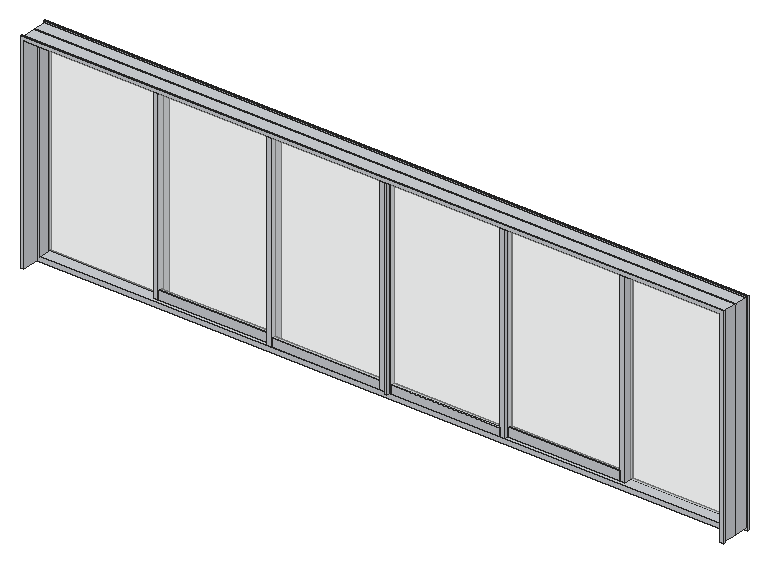
Revit family "APL Residential Thermal Heart Sliding Door FSSSSF", category Doors, host Wall, Revit 2017 (continued)
Definition of nested family "APL Residential Thermal Heart Sliding Door FSSSSF Horizontal Section"
  Definition of nested family "Reverse Interlocker"
    Definition of nested family "65510_Reverse Interlocker Stile"
      Lines and regions (mm)
        model lines, in view "Ref. Level"
          curve 172: arc (33.1, -8, 0) -> (32.6, -8.5, 0) -> (33.1, -9, 0) r 0.5
          curve 173: arc (34, -9, 0) -> (34.141, -9.059, 0) -> (34.2, -9.2, 0) r 0.2
          curve 174: arc (34.2, -10.3, 0) -> (34.141, -10.441, 0) -> (34, -10.5, 0) r 0.2
          curve 175: arc (26.7, -10.5, 0) -> (26.559, -10.441, 0) -> (26.5, -10.3, 0) r 0.2
          curve 176: arc (26.5, -9.2, 0) -> (26.559, -9.059, 0) -> (26.7, -9, 0) r 0.2
          curve 177: arc (27.6, -9, 0) -> (28.1, -8.5, 0) -> (27.6, -8, 0) r 0.5
          curve 178: arc (21.3, -8, 0) -> (21.159, -7.941, 0) -> (21.1, -7.8, 0) r 0.2
          curve 179: arc (21.1, -7.25, 0) -> (20.6, -6.75, 0) -> (20.1, -7.25, 0) r 0.5
          curve 180: arc (20.1, -7.8, 0) -> (20.041, -7.941, 0) -> (19.9, -8, 0) r 0.2
          curve 181: arc (18.8, -8, 0) -> (18.659, -7.941, 0) -> (18.6, -7.8, 0) r 0.2
          curve 182: arc (18.6, -2.7, 0) -> (18.659, -2.559, 0) -> (18.8, -2.5, 0) r 0.2
          curve 183: arc (19.9, -2.5, 0) -> (20.041, -2.559, 0) -> (20.1, -2.7, 0) r 0.2
          curve 184: arc (20.1, -3.25, 0) -> (20.6, -3.75, 0) -> (21.1, -3.25, 0) r 0.5
          curve 185: arc (21.1, -2.623, 0) -> (21.153, -2.487, 0) -> (21.284, -2.423, 0) r 0.2
          curve 186: arc (31.459, -1.498, 0) -> (32.149, -0.721, 0) -> (31.4, 0, 0) r 0.75
          curve 187: arc (17.2, 0, 0) -> (16.846, -0.146, 0) -> (16.7, -0.5, 0) r 0.5
          curve 188: arc (16.7, -1.8, 0) -> (16.641, -1.941, 0) -> (16.5, -2, 0) r 0.2
          curve 189: arc (15.783, -2, 0) -> (15.478, -2.199, 0) -> (15.205, -1.957, 0) r 0.3
          curve 190: arc (15.205, -1.957, 0) -> (15.139, -1.819, 0) -> (15.013, -1.732, 0) r 0.3
          curve 191: arc (12.742, -0.905, 0) -> (11.845, -1.323, 0) -> (12.263, -2.221, 0) r 0.7
          curve 192: arc (12.919, -2.459, 0) -> (13.088, -2.614, 0) -> (13.098, -2.844, 0) r 0.3
          curve 193: line (13.495, -4.078, 0) -> (13.859, -4.441, 0)
          curve 194: line (14.193, -4.352, 0) -> (14.238, -4.184, 0)
          curve 195: line (14.238, -4.184, 0) -> (16.368, -3.51, 0)
          curve 196: line (16.368, -3.51, 0) -> (16.6, -3.5, 0)
          curve 197: line (16.7, -4.247, 0) -> (16.7, -7.475, 0)
          curve 198: line (16.7, -7.475, 0) -> (16.894, -8.25, 0)
          curve 199: line (16.7, -8.5, 0) -> (16.179, -8.5, 0)
          curve 200: line (16.179, -8.5, 0) -> (14.769, -7.691, 0)
          curve 201: line (14.2, -7.549, 0) -> (14.2, -7.8, 0)
          curve 202: line (14, -8, 0) -> (13.727, -8, 0)
          curve 203: line (13.539, -8.132, 0) -> (13.252, -8.92, 0)
          curve 204: line (13.336, -9.159, 0) -> (15.292, -10.354, 0)
          curve 205: line (15.813, -10.5, 0) -> (24.396, -10.5, 0)
          curve 206: line (24.6, -10.7, 0) -> (24.6, -11.6, 0)
          curve 207: line (25.1, -12.1, 0) -> (31.2, -12.1, 0)
          curve 208: line (31.4, -12.3, 0) -> (31.4, -15.399, 0)
          curve 209: line (31.2, -15.599, 0) -> (24.8, -15.599, 0)
          curve 210: line (24.6, -15.799, 0) -> (24.6, -25.841, 0)
          curve 211: line (24.746, -26.37, 0) -> (25.021, -26.82, 0)
          curve 212: line (25.874, -27.299, 0) -> (27.45, -27.299, 0)
          curve 213: line (27.309, -26.73, 0) -> (26.544, -25.476, 0)
          curve 214: line (26.544, -25.476, 0) -> (26.5, -24.799, 0)
          curve 215: line (26.75, -24.605, 0) -> (27.475, -24.793, 0)
          curve 216: line (27.475, -24.793, 0) -> (30.753, -24.799, 0)
          curve 217: line (31.5, -25.053, 0) -> (30.957, -27.12, 0)
          curve 218: line (30.957, -27.12, 0) -> (30.648, -27.306, 0)
          curve 219: line (30.559, -27.64, 0) -> (30.922, -28.004, 0)
          curve 220: line (31.108, -28.091, 0) -> (33.474, -28.298, 0)
          curve 221: line (33.782, -27.896, 0) -> (33.268, -26.486, 0)
          curve 222: line (33, -25.716, 0) -> (33, -23.099, 0)
          curve 223: line (32.8, -22.899, 0) -> (26.4, -22.899, 0)
          curve 224: line (26.2, -22.699, 0) -> (26.2, -17.399, 0)
          curve 225: line (26.4, -17.199, 0) -> (32.8, -17.199, 0)
          curve 226: line (33, -16.999, 0) -> (33, -12.3, 0)
          curve 227: line (33.2, -12.1, 0) -> (34, -12.1, 0)
          curve 228: line (35.8, -10.3, 0) -> (35.8, -9.999, 0)
          curve 229: line (36, -9.799, 0) -> (48.628, -9.799, 0)
          curve 230: line (48.821, -10.051, 0) -> (48.42, -11.547, 0)
          curve 231: line (48.613, -11.799, 0) -> (49.444, -11.799, 0)
          curve 232: line (49.444, -11.799, 0) -> (50.797, -11.561, 0)
          curve 233: line (50.962, -11.364, 0) -> (50.962, -10.099, 0)
          curve 234: line (50.962, -10.099, 0) -> (51.797, -10.099, 0)
          curve 235: line (52, -9.899, 0) -> (52, -8.749, 0)
          curve 236: line (52, -8.749, 0) -> (52.375, -8.749, 0)
          curve 237: line (52.375, -7.999, 0) -> (33.1, -7.999, 0)
          curve 238: line (33.1, -9, 0) -> (34, -9, 0)
          curve 239: line (34.2, -9.2, 0) -> (34.2, -10.3, 0)
          curve 240: line (34, -10.5, 0) -> (26.7, -10.5, 0)
          curve 241: line (26.5, -10.3, 0) -> (26.5, -9.2, 0)
          curve 242: line (26.7, -9, 0) -> (27.6, -9, 0)
          curve 243: line (27.6, -8, 0) -> (21.3, -8, 0)
          curve 244: line (21.1, -7.8, 0) -> (21.1, -7.25, 0)
          curve 245: line (20.1, -7.25, 0) -> (20.1, -7.8, 0)
          curve 246: line (19.9, -8, 0) -> (18.8, -8, 0)
          curve 247: line (18.6, -7.8, 0) -> (18.6, -2.7, 0)
          curve 248: line (18.8, -2.5, 0) -> (19.9, -2.5, 0)
          curve 249: line (20.1, -2.7, 0) -> (20.1, -3.25, 0)
          curve 250: line (21.1, -3.25, 0) -> (21.1, -2.623, 0)
          curve 251: line (21.284, -2.423, 0) -> (31.459, -1.498, 0)
          curve 252: line (31.4, 0, 0) -> (17.2, 0, 0)
          curve 253: line (16.7, -0.5, 0) -> (16.7, -1.8, 0)
          curve 254: line (16.5, -2, 0) -> (15.783, -2, 0)
          curve 255: line (15.013, -1.732, 0) -> (12.742, -0.905, 0)
          curve 256: line (12.263, -2.221, 0) -> (12.919, -2.459, 0)
          curve 257: line (13.098, -2.844, 0) -> (12.822, -3.603, 0)
          curve 258: arc (12.822, -3.603, 0) -> (12.839, -3.846, 0) -> (13.03, -3.997, 0) r 0.3
          curve 259: arc (13.03, -3.997, 0) -> (13.261, -4.046, 0) -> (13.495, -4.078, 0) r 3.208
          curve 260: arc (1.9, -4.2, 0) -> (2.017, -3.917, 0) -> (2.3, -3.8, 0) r 0.4
          curve 261: arc (2.593, -3.8, 0) -> (2.696, -3.814, 0) -> (2.793, -3.854, 0) r 0.4
          curve 262: arc (4.321, -4.739, 0) -> (4.611, -4.859, 0) -> (4.922, -4.9, 0) r 1.2
          curve 263: arc (5.845, -4.9, 0) -> (6.418, -5.081, 0) -> (6.784, -5.558, 0) r 1
          curve 264: arc (7.577, -7.737, 0) -> (7.724, -7.928, 0) -> (7.953, -8, 0) r 0.4
          curve 265: arc (10.647, -8, 0) -> (10.876, -7.928, 0) -> (11.023, -7.737, 0) r 0.4
          curve 266: arc (11.816, -5.558, 0) -> (12.182, -5.081, 0) -> (12.755, -4.9, 0) r 1
          curve 267: arc (13.678, -4.9, 0) -> (13.989, -4.859, 0) -> (14.279, -4.739, 0) r 1.2
          curve 268: arc (15.807, -3.854, 0) -> (15.904, -3.814, 0) -> (16.007, -3.8, 0) r 0.4
          curve 269: arc (16.3, -3.8, 0) -> (16.583, -3.917, 0) -> (16.7, -4.2, 0) r 0.4
          curve 270: arc (16.7, -7.6, 0) -> (16.583, -7.883, 0) -> (16.3, -8, 0) r 0.4
          curve 271: arc (16.007, -8, 0) -> (15.904, -7.986, 0) -> (15.807, -7.946, 0) r 0.4
          curve 272: arc (14.279, -7.061, 0) -> (13.985, -6.94, 0) -> (13.67, -6.9, 0) r 1.2
          curve 273: arc (13.67, -6.9, 0) -> (13.495, -6.953, 0) -> (13.384, -7.097, 0) r 0.3
          curve 274: arc (12.496, -9.537, 0) -> (12.349, -9.728, 0) -> (12.12, -9.8, 0) r 0.4
          curve 275: arc (6.48, -9.8, 0) -> (6.251, -9.728, 0) -> (6.104, -9.537, 0) r 0.4
          curve 276: arc (5.216, -7.097, 0) -> (5.105, -6.953, 0) -> (4.93, -6.9, 0) r 0.3
          curve 277: arc (4.93, -6.9, 0) -> (4.615, -6.94, 0) -> (4.321, -7.061, 0) r 1.2
          curve 278: arc (2.793, -7.946, 0) -> (2.696, -7.986, 0) -> (2.593, -8, 0) r 0.4
          curve 279: arc (2.3, -8, 0) -> (2.017, -7.883, 0) -> (1.9, -7.6, 0) r 0.4
          curve 280: line (2.3, -3.8, 0) -> (2.593, -3.8, 0)
          curve 281: line (2.793, -3.854, 0) -> (4.321, -4.739, 0)
          curve 282: line (4.922, -4.9, 0) -> (5.845, -4.9, 0)
          curve 283: line (6.784, -5.558, 0) -> (7.577, -7.737, 0)
          curve 284: line (7.953, -8, 0) -> (10.647, -8, 0)
          curve 285: line (11.023, -7.737, 0) -> (11.816, -5.558, 0)
          curve 286: line (12.755, -4.9, 0) -> (13.678, -4.9, 0)
          curve 287: line (14.279, -4.739, 0) -> (15.807, -3.854, 0)
          curve 288: line (16.007, -3.8, 0) -> (16.3, -3.8, 0)
          curve 289: line (16.7, -4.2, 0) -> (16.7, -7.6, 0)
          curve 290: line (16.3, -8, 0) -> (16.007, -8, 0)
          curve 291: line (15.807, -7.946, 0) -> (14.279, -7.061, 0)
          curve 292: line (13.384, -7.097, 0) -> (12.496, -9.537, 0)
          curve 293: line (12.12, -9.8, 0) -> (6.48, -9.8, 0)
          curve 294: line (6.104, -9.537, 0) -> (5.216, -7.097, 0)
          curve 295: line (4.321, -7.061, 0) -> (2.793, -7.946, 0)
          curve 296: line (2.593, -8, 0) -> (2.3, -8, 0)
          curve 297: line (1.9, -7.6, 0) -> (1.9, -4.2, 0)
          curve 298: arc (27.4, -39.599, 0) -> (27.117, -39.482, 0) -> (27, -39.199, 0) r 0.4
          curve 299: arc (27, -38.906, 0) -> (27.014, -38.803, 0) -> (27.054, -38.706, 0) r 0.4
          curve 300: arc (27.939, -37.178, 0) -> (28.059, -36.888, 0) -> (28.1, -36.577, 0) r 1.2
          curve 301: arc (28.1, -35.654, 0) -> (28.281, -35.081, 0) -> (28.758, -34.715, 0) r 1
          curve 302: arc (30.937, -33.922, 0) -> (31.128, -33.775, 0) -> (31.2, -33.546, 0) r 0.4
          curve 303: arc (31.2, -30.852, 0) -> (31.128, -30.623, 0) -> (30.937, -30.476, 0) r 0.4
          curve 304: arc (28.758, -29.683, 0) -> (28.281, -29.317, 0) -> (28.1, -28.744, 0) r 1
          curve 305: arc (28.1, -27.821, 0) -> (28.059, -27.51, 0) -> (27.939, -27.22, 0) r 1.2
          curve 306: arc (27.054, -25.692, 0) -> (27.014, -25.595, 0) -> (27, -25.492, 0) r 0.4
          curve 307: arc (27, -25.199, 0) -> (27.117, -24.916, 0) -> (27.4, -24.799, 0) r 0.4
          curve 308: arc (30.8, -24.799, 0) -> (31.083, -24.916, 0) -> (31.2, -25.199, 0) r 0.4
          curve 309: arc (31.2, -25.492, 0) -> (31.186, -25.595, 0) -> (31.146, -25.692, 0) r 0.4
          curve 310: arc (30.261, -27.22, 0) -> (30.14, -27.514, 0) -> (30.1, -27.829, 0) r 1.2
          curve 311: arc (30.1, -27.829, 0) -> (30.153, -28.004, 0) -> (30.297, -28.115, 0) r 0.3
          curve 312: arc (32.737, -29.003, 0) -> (32.928, -29.15, 0) -> (33, -29.379, 0) r 0.4
          curve 313: arc (33, -35.019, 0) -> (32.928, -35.248, 0) -> (32.737, -35.395, 0) r 0.4
          curve 314: arc (30.297, -36.283, 0) -> (30.153, -36.394, 0) -> (30.1, -36.569, 0) r 0.3
          curve 315: arc (30.1, -36.569, 0) -> (30.14, -36.884, 0) -> (30.261, -37.178, 0) r 1.2
          curve 316: arc (31.146, -38.706, 0) -> (31.186, -38.803, 0) -> (31.2, -38.906, 0) r 0.4
          curve 317: arc (31.2, -39.199, 0) -> (31.083, -39.482, 0) -> (30.8, -39.599, 0) r 0.4
          curve 318: line (27, -39.199, 0) -> (27, -38.906, 0)
          curve 319: line (27.054, -38.706, 0) -> (27.939, -37.178, 0)
          curve 320: line (28.1, -36.577, 0) -> (28.1, -35.654, 0)
          curve 321: line (28.758, -34.715, 0) -> (30.937, -33.922, 0)
          curve 322: line (31.2, -33.546, 0) -> (31.2, -30.852, 0)
          curve 323: line (30.937, -30.476, 0) -> (28.758, -29.683, 0)
          curve 324: line (28.1, -28.744, 0) -> (28.1, -27.821, 0)
          curve 325: line (27.939, -27.22, 0) -> (27.054, -25.692, 0)
          curve 326: line (27, -25.492, 0) -> (27, -25.199, 0)
          curve 327: line (27.4, -24.799, 0) -> (30.8, -24.799, 0)
          curve 328: line (31.2, -25.199, 0) -> (31.2, -25.492, 0)
          curve 329: line (31.146, -25.692, 0) -> (30.261, -27.22, 0)
          curve 330: line (30.297, -28.115, 0) -> (32.737, -29.003, 0)
          curve 331: line (33, -29.379, 0) -> (33, -35.019, 0)
          curve 332: line (32.737, -35.395, 0) -> (30.297, -36.283, 0)
          curve 333: line (30.261, -37.178, 0) -> (31.146, -38.706, 0)
          curve 334: line (31.2, -38.906, 0) -> (31.2, -39.199, 0)
          curve 335: line (30.8, -39.599, 0) -> (27.4, -39.599, 0)
      Text (mm)
        text "65510" at (16.274, 26.851, 0), in view "Ref. Level"
  Definition of nested family "Jamb Multislider Fixed"
    Reference planes
      plane 1 "Center (Front/Back)": y = 0
      plane 2: z = 0
      plane 3 "Center (Left/Right)": x = 0
    Lines and regions (mm)
      detail lines, in view "Ref. Level"
        curve 1: arc (34.145, 40.782, 0) -> (34.004, 40.472, 0) -> (34.304, 40.309, 0) r 0.25
        curve 2: arc (44.192, 40.336, 0) -> (44.491, 40.498, 0) -> (44.351, 40.808, 0) r 0.25
        curve 3: line (34.304, 40.309, 0) -> (38.171, 41.303, 0)
        curve 4: line (38.171, 41.303, 0) -> (38.75, 40.3, 0)
        curve 5: line (38.75, 40.3, 0) -> (39.75, 40.3, 0)
        curve 6: line (39.75, 40.3, 0) -> (40.342, 41.325, 0)
        curve 7: line (40.342, 41.325, 0) -> (44.192, 40.336, 0)
        curve 8: line (44.351, 40.808, 0) -> (40.25, 42.532, 0)
        curve 9: line (40.25, 42.532, 0) -> (40.25, 43.8, 0)
        curve 10: line (40.25, 43.8, 0) -> (41.5, 43.8, 0)
        curve 11: line (41.5, 43.8, 0) -> (41.5, 44.8, 0)
        curve 12: line (41.5, 44.8, 0) -> (37, 44.8, 0)
        curve 13: line (37, 44.8, 0) -> (37, 43.8, 0)
        curve 14: line (37, 43.8, 0) -> (38.25, 43.8, 0)
        curve 15: line (38.25, 43.8, 0) -> (38.25, 42.508, 0)
        curve 16: line (38.25, 42.508, 0) -> (34.145, 40.782, 0)
      detail lines, in view "Ref. Level", not visible
        curve 17: arc (33.161, -9.933, 0) -> (32.851, -9.793, 0) -> (32.689, -10.092, 0) r 0.25
        curve 18: arc (32.715, -19.98, 0) -> (32.877, -20.279, 0) -> (33.188, -20.139, 0) r 0.25
        curve 19: line (32.689, -10.092, 0) -> (33.683, -13.959, 0)
        curve 20: line (33.683, -13.959, 0) -> (32.679, -14.539, 0)
        curve 21: line (32.679, -14.539, 0) -> (32.679, -15.539, 0)
        curve 22: line (32.679, -15.539, 0) -> (33.705, -16.131, 0)
        curve 23: line (33.705, -16.131, 0) -> (32.715, -19.98, 0)
        curve 24: line (33.188, -20.139, 0) -> (34.912, -16.039, 0)
        curve 25: line (34.912, -16.039, 0) -> (36.179, -16.039, 0)
        curve 26: line (36.179, -16.039, 0) -> (36.179, -17.289, 0)
        curve 27: line (36.179, -17.289, 0) -> (37.179, -17.289, 0)
        curve 28: line (37.179, -17.289, 0) -> (37.179, -12.789, 0)
        curve 29: line (37.179, -12.789, 0) -> (36.179, -12.789, 0)
        curve 30: line (36.179, -12.789, 0) -> (36.179, -14.039, 0)
        curve 31: line (36.179, -14.039, 0) -> (34.887, -14.039, 0)
        curve 32: line (34.887, -14.039, 0) -> (33.161, -9.933, 0)
    Nested families
      nested 1: "65585_Infill" at (43, 110.375, 0) x (0, -1, 0) z (0, 0, 1), type "65585_Infill", in view "Ref. Level"
      nested 2: "65410_Frame" at (24, 0, 0) x (0, 1, 0) z (0, 0, 1), type "65410_Frame", in view "Ref. Level"
      nested 3: "65585_Infill" at (43, 156.486, 0) x (0, -1, 0) z (0, 0, 1), type "65585_Infill", in view "Ref. Level"
    Definition of nested family "65585_Infill"
      Reference planes
        plane 1 "Center (Front/Back)": y = 0
        plane 2: z = 0
        plane 3 "Center (Left/Right)": x = 0
      Lines and regions (mm)
        model lines, in view "Ref. Level"
          curve 1: arc (0.752, -3.072, 0) -> (0.936, -2.765, 0) -> (1, -2.413, 0) r 1
          curve 2: arc (1, -2, 0) -> (1.146, -1.646, 0) -> (1.5, -1.5, 0) r 0.5
          curve 3: arc (36.55, -1.5, 0) -> (36.904, -1.646, 0) -> (37.05, -2, 0) r 0.5
          curve 4: arc (37.05, -2.542, 0) -> (37.582, -3.901, 0) -> (38.896, -4.536, 0) r 2
          curve 5: arc (38.896, -4.536, 0) -> (39.7, -4.528, 0) -> (40.49, -4.38, 0) r 4.6
          curve 6: arc (40.49, -4.38, 0) -> (40.927, -4.463, 0) -> (41.125, -4.861, 0) r 0.5
          curve 7: arc (41.125, -5.356, 0) -> (41.077, -5.571, 0) -> (40.941, -5.744, 0) r 0.5
          curve 8: arc (40.941, -5.744, 0) -> (40.536, -5.965, 0) -> (40.078, -6.026, 0) r 1.261
          curve 9: arc (40.078, -6.026, 0) -> (38.967, -6.436, 0) -> (38.5, -7.524, 0) r 1.5
          curve 10: arc (38.5, -11, 0) -> (38.793, -11.707, 0) -> (39.5, -12, 0) r 1
          curve 11: arc (41.5, -12, 0) -> (42, -11.5, 0) -> (41.5, -11, 0) r 0.5
          curve 12: arc (39.5, -7.524, 0) -> (39.656, -7.161, 0) -> (40.026, -7.024, 0) r 0.5
          curve 13: arc (40.026, -7.024, 0) -> (41.175, -6.779, 0) -> (42.045, -5.99, 0) r 2.261
          curve 14: arc (42.045, -5.99, 0) -> (42.105, -5.861, 0) -> (42.125, -5.72, 0) r 0.5
          curve 15: arc (42.125, -3.292, 0) -> (41.854, -2.848, 0) -> (41.335, -2.884, 0) r 0.5
          curve 16: arc (41.335, -2.884, 0) -> (40.212, -3.419, 0) -> (38.973, -3.539, 0) r 3.6
          curve 17: arc (38.973, -3.539, 0) -> (38.316, -3.222, 0) -> (38.05, -2.542, 0) r 1
          curve 18: arc (38.05, -2.011, 0) -> (38.088, -1.819, 0) -> (38.196, -1.657, 0) r 0.5
          curve 19: arc (39.427, -0.427, 0) -> (39.481, -0.154, 0) -> (39.25, 0, 0) r 0.25
          curve 20: arc (0.5, 0, 0) -> (0.146, -0.146, 0) -> (0, -0.5, 0) r 0.5
          curve 21: line (1, -2.413, 0) -> (1, -2, 0)
          curve 22: line (1.5, -1.5, 0) -> (36.55, -1.5, 0)
          curve 23: line (37.05, -2, 0) -> (37.05, -2.542, 0)
          curve 24: line (41.125, -4.861, 0) -> (41.125, -5.356, 0)
          curve 25: line (38.5, -7.524, 0) -> (38.5, -11, 0)
          curve 26: line (39.5, -12, 0) -> (41.5, -12, 0)
          curve 27: line (41.5, -11, 0) -> (39.5, -11, 0)
          curve 28: line (39.5, -11, 0) -> (39.5, -7.524, 0)
          curve 29: line (42.125, -5.72, 0) -> (42.125, -3.292, 0)
          curve 30: line (38.05, -2.542, 0) -> (38.05, -2.011, 0)
          curve 31: line (38.196, -1.657, 0) -> (39.427, -0.427, 0)
          curve 32: line (39.25, 0, 0) -> (0.5, 0, 0)
          curve 33: line (0, -0.5, 0) -> (0, -2.413, 0)
          curve 34: arc (0, -2.413, 0) -> (-0.837, -6.153, 0) -> (1.856, -8.881, 0) r 4
          curve 35: arc (1.856, -8.881, 0) -> (2.479, -8.546, 0) -> (2.144, -7.923, 0) r 0.5
          curve 36: arc (2.144, -7.923, 0) -> (0.124, -5.878, 0) -> (0.752, -3.072, 0) r 3
      Text (mm)
        text "65585" at (9.33, 14.342, 0), in view "Ref. Level"
    Definition of nested family "65410_Frame"
      Reference planes
        plane 1 "Center (Front/Back)": y = 0
        plane 2: z = 0
        plane 3 "Center (Left/Right)": x = 0
      Lines and regions (mm)
        model lines, in view "Ref. Level"
          curve 1: arc (10.8, -17.502, 0) -> (11.356, -16.157, 0) -> (12.7, -15.6, 0) r 1.9
          curve 2: arc (13.1, -15.6, 0) -> (13.241, -15.541, 0) -> (13.3, -15.4, 0) r 0.2
          curve 3: arc (13.3, -8.6, 0) -> (13.241, -8.459, 0) -> (13.1, -8.4, 0) r 0.2
          curve 4: arc (11, -8.4, 0) -> (10.859, -8.341, 0) -> (10.8, -8.2, 0) r 0.2
          curve 5: arc (10.8, -7.717, 0) -> (10.741, -7.575, 0) -> (10.6, -7.517, 0) r 0.2
          curve 6: arc (1.9, -7.517, 0) -> (1.546, -7.663, 0) -> (1.4, -8.017, 0) r 0.5
          curve 7: arc (1.4, -21.755, 0) -> (1.521, -22.369, 0) -> (1.869, -22.889, 0) r 1.6
          curve 8: arc (6.387, -27.407, 0) -> (6.711, -27.624, 0) -> (7.094, -27.7, 0) r 1
          curve 9: arc (9.8, -27.7, 0) -> (10.507, -27.407, 0) -> (10.8, -26.7, 0) r 1
          curve 10: arc (1.665, -0.379, 0) -> (1.729, -0.478, 0) -> (1.725, -0.597, 0) r 0.2
          curve 11: arc (1.725, -0.597, 0) -> (1.621, -0.766, 0) -> (1.453, -0.873, 0) r 0.45
          curve 12: arc (1.453, -0.873, 0) -> (1.357, -0.948, 0) -> (1.322, -1.064, 0) r 0.2
          curve 13: arc (1.379, -5.919, 0) -> (1.438, -6.059, 0) -> (1.579, -6.117, 0) r 0.2
          curve 14: arc (10.6, -6.117, 0) -> (10.741, -6.058, 0) -> (10.8, -5.917, 0) r 0.2
          curve 15: arc (10.8, -1.828, 0) -> (10.773, -1.728, 0) -> (10.7, -1.655, 0) r 0.2
          curve 16: arc (9.6, -1.02, 0) -> (9.38, -0.8, 0) -> (9.3, -0.5, 0) r 0.6
          curve 17: arc (9.3, -0.2, 0) -> (9.359, -0.059, 0) -> (9.5, 0, 0) r 0.2
          curve 18: arc (13.617, 0, 0) -> (13.922, -0.199, 0) -> (14.195, 0.043, 0) r 0.3
          curve 19: arc (14.195, 0.043, 0) -> (14.261, 0.181, 0) -> (14.387, 0.268, 0) r 0.3
          curve 20: arc (15.797, 0.782, 0) -> (16.083, 0.738, 0) -> (16.199, 0.474, 0) r 0.3
          curve 21: arc (15.992, -1.892, 0) -> (15.965, -1.992, 0) -> (15.905, -2.078, 0) r 0.3
          curve 22: arc (15.541, -2.441, 0) -> (15.348, -2.493, 0) -> (15.207, -2.352, 0) r 0.2
          curve 23: arc (15.162, -2.184, 0) -> (15.11, -2.095, 0) -> (15.021, -2.043, 0) r 0.2
          curve 24: arc (12.8, -1.5, 0) -> (12.52, -1.693, 0) -> (12.6, -2.024, 0) r 0.3
          curve 25: arc (12.6, -2.024, 0) -> (12.674, -2.125, 0) -> (12.7, -2.247, 0) r 0.3
          curve 26: arc (12.506, -6.25, 0) -> (12.542, -6.422, 0) -> (12.7, -6.5, 0) r 0.2
          curve 27: arc (13.221, -6.5, 0) -> (13.302, -6.489, 0) -> (13.377, -6.456, 0) r 0.3
          curve 28: arc (14.631, -5.691, 0) -> (14.628, -5.521, 0) -> (14.734, -5.389, 0) r 0.25
          curve 29: arc (14.82, -5.337, 0) -> (15.072, -5.332, 0) -> (15.2, -5.55, 0) r 0.25
          curve 30: arc (15.2, -15.401, 0) -> (15.259, -15.542, 0) -> (15.4, -15.6, 0) r 0.2
          curve 31: arc (16.479, -15.6, 0) -> (16.643, -15.685, 0) -> (16.667, -15.868, 0) r 0.2
          curve 32: arc (15.775, -18.318, 0) -> (15.702, -18.414, 0) -> (15.587, -18.45, 0) r 0.2
          curve 33: arc (15.353, -18.45, 0) -> (15.248, -18.48, 0) -> (15.174, -18.561, 0) r 0.2
          curve 34: arc (15.174, -18.561, 0) -> (15.019, -18.69, 0) -> (14.82, -18.663, 0) r 0.25
          curve 35: arc (14.734, -18.611, 0) -> (14.628, -18.479, 0) -> (14.631, -18.309, 0) r 0.25
          curve 36: arc (13.377, -17.544, 0) -> (13.302, -17.511, 0) -> (13.221, -17.5, 0) r 0.3
          curve 37: arc (12.7, -17.5, 0) -> (12.542, -17.578, 0) -> (12.506, -17.75, 0) r 0.2
          curve 38: arc (12.7, -21.753, 0) -> (12.674, -21.875, 0) -> (12.6, -21.976, 0) r 0.3
          curve 39: arc (12.6, -21.976, 0) -> (12.52, -22.307, 0) -> (12.8, -22.5, 0) r 0.3
          curve 40: arc (15.021, -21.957, 0) -> (15.11, -21.905, 0) -> (15.162, -21.816, 0) r 0.2
          curve 41: arc (15.207, -21.648, 0) -> (15.348, -21.507, 0) -> (15.541, -21.559, 0) r 0.2
          curve 42: arc (15.905, -21.922, 0) -> (15.965, -22.008, 0) -> (15.992, -22.108, 0) r 0.3
          curve 43: arc (16.199, -24.474, 0) -> (16.083, -24.738, 0) -> (15.797, -24.782, 0) r 0.3
          curve 44: arc (14.387, -24.268, 0) -> (14.261, -24.181, 0) -> (14.195, -24.043, 0) r 0.3
          curve 45: arc (14.195, -24.043, 0) -> (13.922, -23.801, 0) -> (13.617, -24, 0) r 0.3
          curve 46: arc (12.6, -24, 0) -> (12.459, -24.059, 0) -> (12.4, -24.2, 0) r 0.2
          curve 47: arc (12.4, -26.696, 0) -> (11.64, -28.537, 0) -> (9.8, -29.3, 0) r 2.6
          curve 48: arc (7.9, -29.3, 0) -> (7.547, -29.446, 0) -> (7.4, -29.8, 0) r 0.5
          curve 49: arc (7.4, -37.402, 0) -> (7.508, -37.581, 0) -> (7.716, -37.566, 0) r 0.2
          curve 50: arc (7.716, -37.566, 0) -> (8.721, -37.692, 0) -> (8.684, -38.705, 0) r 0.75
          curve 51: arc (8.684, -38.705, 0) -> (8.15, -40.005, 0) -> (8.684, -41.305, 0) r 1.85
          curve 52: arc (8.684, -41.305, 0) -> (8.794, -41.447, 0) -> (8.867, -41.612, 0) r 0.75
          curve 53: arc (8.867, -41.612, 0) -> (8.97, -41.796, 0) -> (9.14, -41.921, 0) r 0.5
          curve 54: arc (9.14, -41.921, 0) -> (10, -42.105, 0) -> (10.86, -41.921, 0) r 2.1
          curve 55: arc (10.86, -41.921, 0) -> (11.03, -41.796, 0) -> (11.133, -41.612, 0) r 0.5
          curve 56: arc (11.133, -41.612, 0) -> (11.206, -41.447, 0) -> (11.316, -41.305, 0) r 0.75
          curve 57: arc (11.316, -41.305, 0) -> (11.85, -40.005, 0) -> (11.316, -38.705, 0) r 1.85
          curve 58: arc (11.316, -38.705, 0) -> (11.323, -37.644, 0) -> (12.384, -37.651, 0) r 0.75
          curve 59: arc (12.384, -37.651, 0) -> (13.348, -39.881, 0) -> (12.551, -42.176, 0) r 3.35
          curve 60: arc (12.551, -42.176, 0) -> (12.478, -42.71, 0) -> (12.932, -43, 0) r 0.5
          curve 61: arc (13.15, -43, 0) -> (13.291, -43.059, 0) -> (13.35, -43.2, 0) r 0.2
          curve 62: arc (13.35, -43.5, 0) -> (13.204, -43.854, 0) -> (12.85, -44, 0) r 0.5
          curve 63: arc (7, -44, 0) -> (6.293, -43.707, 0) -> (6, -43, 0) r 1
          curve 64: arc (6, -30.243, 0) -> (5.772, -29.095, 0) -> (5.121, -28.121, 0) r 3
          curve 65: arc (0.879, -23.879, 0) -> (0.228, -22.905, 0) -> (0, -21.757, 0) r 3
          curve 66: arc (0, -0.2, 0) -> (0.059, -0.059, 0) -> (0.2, 0, 0) r 0.2
          curve 67: line (10.8, -26.7, 0) -> (10.8, -17.502, 0)
          curve 68: line (12.7, -15.6, 0) -> (13.1, -15.6, 0)
          curve 69: line (13.3, -15.4, 0) -> (13.3, -8.6, 0)
          curve 70: line (13.1, -8.4, 0) -> (11, -8.4, 0)
          curve 71: line (10.8, -8.2, 0) -> (10.8, -7.717, 0)
          curve 72: line (10.6, -7.517, 0) -> (1.9, -7.517, 0)
          curve 73: line (1.4, -8.017, 0) -> (1.4, -21.755, 0)
          curve 74: line (1.869, -22.889, 0) -> (6.387, -27.407, 0)
          curve 75: line (7.094, -27.7, 0) -> (9.8, -27.7, 0)
          curve 76: line (1.322, -1.064, 0) -> (1.379, -5.919, 0)
          curve 77: line (1.579, -6.117, 0) -> (10.6, -6.117, 0)
          curve 78: line (10.8, -5.917, 0) -> (10.8, -1.828, 0)
          curve 79: line (10.7, -1.655, 0) -> (9.6, -1.02, 0)
          curve 80: line (9.3, -0.5, 0) -> (9.3, -0.2, 0)
          curve 81: line (9.5, 0, 0) -> (13.617, 0, 0)
          curve 82: line (14.387, 0.268, 0) -> (15.797, 0.782, 0)
          curve 83: line (16.199, 0.474, 0) -> (15.992, -1.892, 0)
          curve 84: line (15.905, -2.078, 0) -> (15.541, -2.441, 0)
          curve 85: line (15.207, -2.352, 0) -> (15.162, -2.184, 0)
          curve 86: line (15.162, -2.184, 0) -> (13.032, -1.51, 0)
          curve 87: line (13.032, -1.51, 0) -> (12.8, -1.5, 0)
          curve 88: line (12.7, -2.247, 0) -> (12.7, -5.475, 0)
          curve 89: line (12.7, -5.475, 0) -> (12.506, -6.25, 0)
          curve 90: line (12.7, -6.5, 0) -> (13.221, -6.5, 0)
          curve 91: line (13.221, -6.5, 0) -> (14.631, -5.691, 0)
          curve 92: line (15.2, -5.55, 0) -> (15.2, -7.126, 0)
          curve 93: line (15.2, -7.126, 0) -> (15.2, -15.401, 0)
          curve 94: line (15.4, -15.6, 0) -> (16.479, -15.6, 0)
          curve 95: line (16.667, -15.868, 0) -> (15.775, -18.318, 0)
          curve 96: line (15.587, -18.45, 0) -> (15.353, -18.45, 0)
          curve 97: line (14.631, -18.309, 0) -> (13.377, -17.544, 0)
          curve 98: line (13.377, -17.544, 0) -> (12.7, -17.5, 0)
          curve 99: line (12.506, -17.75, 0) -> (12.694, -18.475, 0)
          curve 100: line (12.694, -18.475, 0) -> (12.7, -21.753, 0)
          curve 101: line (12.954, -22.5, 0) -> (15.021, -21.957, 0)
          curve 102: line (15.021, -21.957, 0) -> (15.207, -21.648, 0)
          curve 103: line (15.541, -21.559, 0) -> (15.905, -21.922, 0)
          curve 104: line (15.992, -22.108, 0) -> (16.199, -24.474, 0)
          curve 105: line (15.797, -24.782, 0) -> (14.387, -24.268, 0)
          curve 106: line (13.617, -24, 0) -> (12.6, -24, 0)
          curve 107: line (12.4, -24.2, 0) -> (12.4, -26.696, 0)
          curve 108: line (9.8, -29.3, 0) -> (7.9, -29.3, 0)
          curve 109: line (7.4, -29.8, 0) -> (7.4, -37.402, 0)
          curve 110: line (12.932, -43, 0) -> (13.15, -43, 0)
          curve 111: line (13.35, -43.2, 0) -> (13.35, -43.5, 0)
          curve 112: line (12.85, -44, 0) -> (7, -44, 0)
          curve 113: line (6, -43, 0) -> (6, -30.243, 0)
          curve 114: line (5.121, -28.121, 0) -> (0.879, -23.879, 0)
          curve 115: line (0, -21.757, 0) -> (0, -0.2, 0)
          curve 116: line (0.2, 0, 0) -> (1.141, 0, 0)
          curve 117: line (1.141, 0, 0) -> (1.665, -0.379, 0)
          curve 118: arc (46.1, 0.2, 0) -> (45.602, -1.002, 0) -> (44.4, -1.5, 0) r 1.7
          curve 119: arc (29.9, -1.5, 0) -> (29.546, -1.646, 0) -> (29.4, -2, 0) r 0.5
          curve 120: arc (29.4, -15.099, 0) -> (29.546, -15.453, 0) -> (29.9, -15.6, 0) r 0.5
          curve 121: arc (36.605, -15.6, 0) -> (37.013, -15.521, 0) -> (37.363, -15.296, 0) r 1.1
          curve 122: arc (37.363, -15.296, 0) -> (38.199, -14.684, 0) -> (39.189, -14.379, 0) r 3.126
          curve 123: arc (62.286, -13.2, 0) -> (62.738, -12.881, 0) -> (63.285, -12.958, 0) r 0.75
          curve 124: arc (63.285, -12.958, 0) -> (64.2, -13.2, 0) -> (65.115, -12.958, 0) r 1.85
          curve 125: arc (65.115, -12.958, 0) -> (65.281, -12.888, 0) -> (65.459, -12.86, 0) r 0.75
          curve 126: arc (65.459, -12.86, 0) -> (65.663, -12.808, 0) -> (65.828, -12.676, 0) r 0.5
          curve 127: arc (65.828, -12.676, 0) -> (66.3, -11.35, 0) -> (65.828, -10.024, 0) r 2.1
          curve 128: arc (65.828, -10.024, 0) -> (65.663, -9.892, 0) -> (65.459, -9.84, 0) r 0.5
          curve 129: arc (65.459, -9.84, 0) -> (65.281, -9.812, 0) -> (65.115, -9.742, 0) r 0.75
          curve 130: arc (65.115, -9.742, 0) -> (63.721, -9.563, 0) -> (62.604, -10.415, 0) r 1.85
          curve 131: arc (62.604, -10.415, 0) -> (61.577, -10.683, 0) -> (61.309, -9.657, 0) r 0.75
          curve 132: arc (61.309, -9.657, 0) -> (62.349, -8.558, 0) -> (63.765, -8.028, 0) r 3.35
          curve 133: arc (63.765, -8.028, 0) -> (64.076, -7.862, 0) -> (64.2, -7.533, 0) r 0.5
          curve 134: arc (64.2, 1.517, 0) -> (64.489, 3.435, 0) -> (65.33, 5.182, 0) r 6.5
          curve 135: arc (65.33, 5.182, 0) -> (65.978, 6.526, 0) -> (66.2, 8, 0) r 5
          curve 136: arc (66.2, 17.1, 0) -> (66.054, 17.454, 0) -> (65.7, 17.6, 0) r 0.5
          curve 137: arc (47, 17.6, 0) -> (46.646, 17.454, 0) -> (46.5, 17.1, 0) r 0.5
          curve 138: arc (46.5, 12.5, 0) -> (46.409, 11.986, 0) -> (46.147, 11.533, 0) r 1.5
          curve 139: arc (24.183, -15.774, 0) -> (24.053, -15.838, 0) -> (24, -15.973, 0) r 0.2
          curve 140: arc (24.399, -18.321, 0) -> (24.668, -18.608, 0) -> (25.06, -18.613, 0) r 0.5
          curve 141: arc (25.06, -18.613, 0) -> (25.211, -18.697, 0) -> (25.38, -18.663, 0) r 0.25
          curve 142: arc (25.466, -18.611, 0) -> (25.572, -18.479, 0) -> (25.569, -18.309, 0) r 0.25
          curve 143: arc (26.823, -17.544, 0) -> (26.898, -17.511, 0) -> (26.979, -17.5, 0) r 0.3
          curve 144: arc (27.5, -17.5, 0) -> (27.658, -17.578, 0) -> (27.694, -17.75, 0) r 0.2
          curve 145: arc (27.5, -21.753, 0) -> (27.526, -21.875, 0) -> (27.6, -21.976, 0) r 0.3
          curve 146: arc (27.6, -21.976, 0) -> (27.68, -22.307, 0) -> (27.4, -22.5, 0) r 0.3
          curve 147: arc (25.179, -21.957, 0) -> (25.09, -21.905, 0) -> (25.038, -21.816, 0) r 0.2
          curve 148: arc (24.993, -21.648, 0) -> (24.852, -21.507, 0) -> (24.659, -21.559, 0) r 0.2
          curve 149: arc (24.295, -21.922, 0) -> (24.235, -22.008, 0) -> (24.208, -22.108, 0) r 0.3
          curve 150: arc (24.001, -24.474, 0) -> (24.117, -24.738, 0) -> (24.403, -24.782, 0) r 0.3
          curve 151: arc (25.813, -24.268, 0) -> (25.939, -24.181, 0) -> (26.005, -24.043, 0) r 0.3
          curve 152: arc (26.005, -24.043, 0) -> (26.278, -23.801, 0) -> (26.583, -24, 0) r 0.3
          curve 153: arc (28.9, -24, 0) -> (29.254, -23.854, 0) -> (29.4, -23.5, 0) r 0.5
          curve 154: arc (29.4, -17.9, 0) -> (29.546, -17.546, 0) -> (29.9, -17.4, 0) r 0.499
          curve 155: arc (37.767, -17.4, 0) -> (38.931, -17.165, 0) -> (39.913, -16.497, 0) r 2.996
          curve 156: arc (39.913, -16.497, 0) -> (40.232, -16.27, 0) -> (40.611, -16.169, 0) r 1.1
          curve 157: arc (68.1, -15.1, 0) -> (68.241, -15.159, 0) -> (68.3, -15.3, 0) r 0.2
          curve 158: arc (68.3, -23.5, 0) -> (68.446, -23.854, 0) -> (68.8, -24, 0) r 0.5
          curve 159: arc (71.117, -24, 0) -> (71.422, -23.801, 0) -> (71.695, -24.043, 0) r 0.3
          curve 160: arc (71.695, -24.043, 0) -> (71.761, -24.181, 0) -> (71.887, -24.268, 0) r 0.3
          curve 161: arc (73.297, -24.782, 0) -> (73.583, -24.738, 0) -> (73.699, -24.474, 0) r 0.3
          curve 162: arc (73.492, -22.108, 0) -> (73.465, -22.008, 0) -> (73.405, -21.922, 0) r 0.3
          curve 163: arc (73.041, -21.559, 0) -> (72.848, -21.507, 0) -> (72.707, -21.648, 0) r 0.2
          curve 164: arc (72.662, -21.816, 0) -> (72.61, -21.905, 0) -> (72.521, -21.957, 0) r 0.2
          curve 165: arc (70.3, -22.5, 0) -> (70.02, -22.307, 0) -> (70.1, -21.976, 0) r 0.3
          curve 166: arc (70.1, -21.976, 0) -> (70.174, -21.875, 0) -> (70.2, -21.753, 0) r 0.3
          curve 167: arc (70.006, -17.75, 0) -> (70.042, -17.578, 0) -> (70.2, -17.5, 0) r 0.2
          curve 168: arc (70.721, -17.5, 0) -> (70.802, -17.511, 0) -> (70.877, -17.544, 0) r 0.3
          curve 169: arc (72.131, -18.309, 0) -> (72.128, -18.479, 0) -> (72.234, -18.611, 0) r 0.25
          curve 170: arc (72.32, -18.663, 0) -> (72.572, -18.668, 0) -> (72.7, -18.45, 0) r 0.25
          curve 171: arc (72.7, -16.876, 0) -> (72.618, -16.478, 0) -> (72.385, -16.146, 0) r 1
          curve 172: arc (72.385, -16.146, 0) -> (72.322, -16, 0) -> (72.385, -15.854, 0) r 0.2
          curve 173: arc (72.385, -15.854, 0) -> (72.618, -15.523, 0) -> (72.7, -15.126, 0) r 1
          curve 174: arc (72.7, -13.551, 0) -> (72.573, -13.332, 0) -> (72.32, -13.337, 0) r 0.25
          curve 175: arc (72.234, -13.389, 0) -> (72.128, -13.521, 0) -> (72.131, -13.691, 0) r 0.25
          curve 176: arc (70.877, -14.456, 0) -> (70.802, -14.489, 0) -> (70.721, -14.5, 0) r 0.3
          curve 177: arc (70.2, -14.5, 0) -> (70.042, -14.422, 0) -> (70.006, -14.25, 0) r 0.2
          curve 178: arc (70.2, -10.247, 0) -> (70.174, -10.124, 0) -> (70.1, -10.024, 0) r 0.3
          curve 179: arc (70.1, -10.024, 0) -> (70.02, -9.693, 0) -> (70.3, -9.5, 0) r 0.3
          curve 180: arc (72.521, -10.043, 0) -> (72.61, -10.095, 0) -> (72.662, -10.184, 0) r 0.2
          curve 181: arc (72.707, -10.352, 0) -> (72.848, -10.493, 0) -> (73.041, -10.441, 0) r 0.2
          curve 182: arc (73.405, -10.078, 0) -> (73.465, -9.992, 0) -> (73.492, -9.892, 0) r 0.3
          curve 183: arc (73.699, -7.526, 0) -> (73.583, -7.262, 0) -> (73.297, -7.218, 0) r 0.3
          curve 184: arc (71.887, -7.732, 0) -> (71.761, -7.819, 0) -> (71.695, -7.957, 0) r 0.3
          curve 185: arc (71.695, -7.957, 0) -> (71.422, -8.199, 0) -> (71.117, -8, 0) r 0.3
          curve 186: arc (66.201, -8, 0) -> (65.847, -7.854, 0) -> (65.7, -7.5, 0) r 0.5
          curve 187: arc (65.7, 1.519, 0) -> (65.922, 2.994, 0) -> (66.57, 4.337, 0) r 5
          curve 188: arc (66.57, 4.337, 0) -> (67.411, 6.083, 0) -> (67.7, 8, 0) r 6.5
          curve 189: arc (67.7, 9.1, 0) -> (67.759, 9.241, 0) -> (67.9, 9.3, 0) r 0.2
          curve 190: arc (69.3, 9.3, 0) -> (69.441, 9.241, 0) -> (69.5, 9.1, 0) r 0.2
          curve 191: arc (69.5, 8.8, 0) -> (70, 8.299, 0) -> (70.5, 8.8, 0) r 0.5
          curve 192: arc (70.5, 11.351, 0) -> (69.999, 11.85, 0) -> (69.5, 11.35, 0) r 0.5
          curve 193: arc (69.5, 10.5, 0) -> (69.441, 10.359, 0) -> (69.3, 10.3, 0) r 0.2
          curve 194: arc (67.9, 10.3, 0) -> (67.759, 10.359, 0) -> (67.7, 10.5, 0) r 0.2
          curve 195: arc (67.7, 17.8, 0) -> (67.759, 17.941, 0) -> (67.9, 18, 0) r 0.2
          curve 196: arc (69.3, 18, 0) -> (69.441, 17.941, 0) -> (69.5, 17.8, 0) r 0.2
          curve 197: arc (69.5, 16.95, 0) -> (70, 16.449, 0) -> (70.5, 16.95, 0) r 0.5
          curve 198: arc (70.5, 18.499, 0) -> (70.354, 18.853, 0) -> (70, 19, 0) r 0.5
          curve 199: arc (42.7, 19, 0) -> (42.559, 18.941, 0) -> (42.5, 18.8, 0) r 0.2
          curve 200: arc (42.5, 17.25, 0) -> (43, 16.749, 0) -> (43.5, 17.25, 0) r 0.5
          curve 201: arc (43.5, 17.8, 0) -> (43.559, 17.941, 0) -> (43.7, 18, 0) r 0.2
          curve 202: arc (44.8, 18, 0) -> (44.941, 17.941, 0) -> (45, 17.8, 0) r 0.2
          curve 203: arc (45, 12.7, 0) -> (44.941, 12.559, 0) -> (44.8, 12.5, 0) r 0.2
          curve 204: arc (43.7, 12.5, 0) -> (43.559, 12.559, 0) -> (43.5, 12.7, 0) r 0.2
          curve 205: arc (43.5, 13.25, 0) -> (43, 13.749, 0) -> (42.5, 13.25, 0) r 0.5
          curve 206: arc (42.5, 12.5, 0) -> (42.793, 11.793, 0) -> (43.5, 11.5, 0) r 1
          curve 207: arc (44.395, 11.5, 0) -> (44.539, 11.443, 0) -> (44.6, 11.3, 0) r 0.202
          curve 208: arc (44.6, 0.2, 0) -> (44.538, 0.058, 0) -> (44.395, 0, 0) r 0.205
          curve 209: arc (26.583, 0, 0) -> (26.278, -0.199, 0) -> (26.005, 0.043, 0) r 0.3
          curve 210: arc (26.005, 0.043, 0) -> (25.939, 0.181, 0) -> (25.813, 0.268, 0) r 0.3
          curve 211: arc (24.403, 0.782, 0) -> (24.117, 0.738, 0) -> (24.001, 0.474, 0) r 0.3
          curve 212: arc (24.208, -1.892, 0) -> (24.235, -1.992, 0) -> (24.295, -2.078, 0) r 0.3
          curve 213: arc (24.659, -2.441, 0) -> (24.852, -2.493, 0) -> (24.993, -2.352, 0) r 0.2
          curve 214: arc (25.038, -2.184, 0) -> (25.09, -2.095, 0) -> (25.179, -2.043, 0) r 0.2
          curve 215: arc (27.4, -1.5, 0) -> (27.68, -1.693, 0) -> (27.6, -2.024, 0) r 0.3
          curve 216: arc (27.6, -2.024, 0) -> (27.526, -2.125, 0) -> (27.5, -2.247, 0) r 0.3
          curve 217: arc (27.694, -6.25, 0) -> (27.658, -6.422, 0) -> (27.5, -6.5, 0) r 0.2
          curve 218: arc (26.979, -6.5, 0) -> (26.898, -6.489, 0) -> (26.823, -6.456, 0) r 0.3
          curve 219: arc (25.569, -5.691, 0) -> (25.572, -5.521, 0) -> (25.466, -5.389, 0) r 0.25
          curve 220: arc (25.38, -5.337, 0) -> (25.128, -5.332, 0) -> (25, -5.55, 0) r 0.25
          curve 221: arc (25, -7.126, 0) -> (25.128, -7.615, 0) -> (25.479, -7.979, 0) r 1
          curve 222: line (46.1, 11.405, 0) -> (46.1, 0.2, 0)
          curve 223: line (44.4, -1.5, 0) -> (29.9, -1.5, 0)
          curve 224: line (29.4, -2, 0) -> (29.4, -15.099, 0)
          curve 225: line (29.9, -15.6, 0) -> (36.605, -15.6, 0)
          curve 226: line (39.189, -14.379, 0) -> (53.629, -13.2, 0)
          curve 227: line (53.629, -13.2, 0) -> (62.286, -13.2, 0)
          curve 228: line (64.2, -7.533, 0) -> (64.2, 1.517, 0)
          curve 229: line (66.2, 8, 0) -> (66.2, 17.1, 0)
          curve 230: line (65.7, 17.6, 0) -> (47, 17.6, 0)
          curve 231: line (46.5, 17.1, 0) -> (46.5, 12.5, 0)
          curve 232: line (27.317, -15.499, 0) -> (24.183, -15.774, 0)
          curve 233: line (24, -15.973, 0) -> (24, -17.189, 0)
          curve 234: line (24, -17.189, 0) -> (24.399, -18.321, 0)
          curve 235: line (25.569, -18.309, 0) -> (26.823, -17.544, 0)
          curve 236: line (26.823, -17.544, 0) -> (27.5, -17.5, 0)
          curve 237: line (27.694, -17.75, 0) -> (27.5, -18.5, 0)
          curve 238: line (27.506, -18.475, 0) -> (27.5, -21.753, 0)
          curve 239: line (27.246, -22.5, 0) -> (25.179, -21.957, 0)
          curve 240: line (25.179, -21.957, 0) -> (24.993, -21.648, 0)
          curve 241: line (24.659, -21.559, 0) -> (24.295, -21.922, 0)
          curve 242: line (24.208, -22.108, 0) -> (24.001, -24.474, 0)
          curve 243: line (24.403, -24.782, 0) -> (25.813, -24.268, 0)
          curve 244: line (26.583, -24, 0) -> (28.9, -24, 0)
          curve 245: line (29.4, -23.5, 0) -> (29.4, -17.9, 0)
          curve 246: line (29.9, -17.4, 0) -> (33.5, -17.4, 0)
          curve 247: line (33.5, -17.4, 0) -> (33.9, -17, 0)
          curve 248: line (33.9, -17, 0) -> (34.3, -17.4, 0)
          curve 249: line (34.3, -17.4, 0) -> (37.767, -17.4, 0)
          curve 250: line (40.611, -16.169, 0) -> (53.707, -15.1, 0)
          curve 251: line (53.707, -15.1, 0) -> (58.307, -15.1, 0)
          curve 252: line (58.307, -15.1, 0) -> (58.707, -14.7, 0)
          curve 253: line (58.707, -14.7, 0) -> (59.107, -15.1, 0)
          curve 254: line (59.107, -15.1, 0) -> (68.1, -15.1, 0)
          curve 255: line (68.3, -15.3, 0) -> (68.3, -23.5, 0)
          curve 256: line (68.8, -24, 0) -> (71.117, -24, 0)
          curve 257: line (71.887, -24.268, 0) -> (73.297, -24.782, 0)
          curve 258: line (73.699, -24.474, 0) -> (73.492, -22.108, 0)
          curve 259: line (73.405, -21.922, 0) -> (73.041, -21.559, 0)
          curve 260: line (72.707, -21.648, 0) -> (72.662, -21.816, 0)
          curve 261: line (72.662, -21.816, 0) -> (70.532, -22.49, 0)
          curve 262: line (70.532, -22.49, 0) -> (70.3, -22.5, 0)
          curve 263: line (70.2, -21.753, 0) -> (70.2, -18.525, 0)
          curve 264: line (70.2, -18.525, 0) -> (70.006, -17.75, 0)
          curve 265: line (70.2, -17.5, 0) -> (70.721, -17.5, 0)
          curve 266: line (70.721, -17.5, 0) -> (72.131, -18.309, 0)
          curve 267: line (72.7, -18.45, 0) -> (72.7, -16.876, 0)
          curve 268: line (72.7, -15.126, 0) -> (72.7, -13.551, 0)
          curve 269: line (72.131, -13.691, 0) -> (70.877, -14.456, 0)
          curve 270: line (70.877, -14.456, 0) -> (70.2, -14.5, 0)
          curve 271: line (70.006, -14.25, 0) -> (70.2, -13.5, 0)
          curve 272: line (70.194, -13.525, 0) -> (70.2, -10.248, 0)
          curve 273: line (70.454, -9.5, 0) -> (72.521, -10.043, 0)
          curve 274: line (72.521, -10.043, 0) -> (72.707, -10.352, 0)
          curve 275: line (73.041, -10.441, 0) -> (73.405, -10.078, 0)
          curve 276: line (73.492, -9.892, 0) -> (73.699, -7.526, 0)
          curve 277: line (73.297, -7.218, 0) -> (71.887, -7.732, 0)
          curve 278: line (71.117, -8, 0) -> (66.201, -8, 0)
          curve 279: line (65.7, -7.5, 0) -> (65.7, 1.519, 0)
          curve 280: line (67.7, 8, 0) -> (67.7, 9.1, 0)
          curve 281: line (67.9, 9.3, 0) -> (69.3, 9.3, 0)
          curve 282: line (69.5, 9.1, 0) -> (69.5, 8.8, 0)
          curve 283: line (70.5, 8.8, 0) -> (70.5, 11.351, 0)
          curve 284: line (69.5, 11.35, 0) -> (69.5, 10.5, 0)
          curve 285: line (69.3, 10.3, 0) -> (67.9, 10.3, 0)
          curve 286: line (67.7, 10.5, 0) -> (67.7, 17.8, 0)
          curve 287: line (67.9, 18, 0) -> (69.3, 18, 0)
          curve 288: line (69.5, 17.8, 0) -> (69.5, 16.95, 0)
          curve 289: line (70.5, 16.95, 0) -> (70.5, 18.499, 0)
          curve 290: line (70, 19, 0) -> (42.7, 19, 0)
          curve 291: line (42.5, 18.8, 0) -> (42.5, 17.25, 0)
          curve 292: line (43.5, 17.25, 0) -> (43.5, 17.8, 0)
          curve 293: line (43.7, 18, 0) -> (44.8, 18, 0)
          curve 294: line (45, 17.8, 0) -> (45, 12.7, 0)
          curve 295: line (44.8, 12.5, 0) -> (43.7, 12.5, 0)
          curve 296: line (43.5, 12.7, 0) -> (43.5, 13.25, 0)
          curve 297: line (42.5, 13.25, 0) -> (42.5, 12.5, 0)
          curve 298: line (43.5, 11.5, 0) -> (44.395, 11.5, 0)
          curve 299: line (44.6, 11.3, 0) -> (44.6, 0.2, 0)
          curve 300: line (44.395, 0, 0) -> (34.3, 0, 0)
          curve 301: line (34.3, 0, 0) -> (33.9, -0.4, 0)
          curve 302: line (33.9, -0.4, 0) -> (33.5, 0, 0)
          curve 303: line (33.5, 0, 0) -> (26.583, 0, 0)
          curve 304: line (25.813, 0.268, 0) -> (24.403, 0.782, 0)
          curve 305: line (24.001, 0.474, 0) -> (24.208, -1.892, 0)
          curve 306: line (24.295, -2.078, 0) -> (24.659, -2.441, 0)
          curve 307: line (24.993, -2.352, 0) -> (25.038, -2.184, 0)
          curve 308: line (25.038, -2.184, 0) -> (27.168, -1.51, 0)
          curve 309: line (27.168, -1.51, 0) -> (27.4, -1.5, 0)
          curve 310: line (27.5, -2.247, 0) -> (27.5, -5.475, 0)
          curve 311: line (27.5, -5.475, 0) -> (27.694, -6.25, 0)
          curve 312: line (27.5, -6.5, 0) -> (26.979, -6.5, 0)
          curve 313: line (26.979, -6.5, 0) -> (25.569, -5.691, 0)
          curve 314: line (25, -5.55, 0) -> (25, -7.126, 0)
          curve 315: line (25.479, -7.979, 0) -> (26.284, -8.471, 0)
          curve 316: line (26.284, -8.471, 0) -> (27.5, -8.5, 0)
          curve 317: line (27.5, -8.5, 0) -> (27.5, -15.3, 0)
          curve 318: arc (27.5, -15.3, 0) -> (27.447, -15.435, 0) -> (27.317, -15.499, 0) r 0.2
          curve 319: arc (12.7, -21.8, 0) -> (12.817, -22.083, 0) -> (13.1, -22.2, 0) r 0.4
          curve 320: arc (13.393, -22.2, 0) -> (13.496, -22.186, 0) -> (13.593, -22.146, 0) r 0.4
          curve 321: arc (15.121, -21.262, 0) -> (15.411, -21.141, 0) -> (15.722, -21.1, 0) r 1.2
          curve 322: arc (16.645, -21.1, 0) -> (17.218, -20.919, 0) -> (17.584, -20.442, 0) r 1
          curve 323: arc (18.377, -18.263, 0) -> (18.524, -18.072, 0) -> (18.753, -18, 0) r 0.4
          curve 324: arc (21.447, -18, 0) -> (21.676, -18.072, 0) -> (21.823, -18.263, 0) r 0.4
          curve 325: arc (22.616, -20.442, 0) -> (22.982, -20.919, 0) -> (23.555, -21.1, 0) r 1
          curve 326: arc (24.478, -21.1, 0) -> (24.789, -21.141, 0) -> (25.079, -21.262, 0) r 1.2
          curve 327: arc (26.607, -22.146, 0) -> (26.704, -22.186, 0) -> (26.807, -22.2, 0) r 0.4
          curve 328: arc (27.1, -22.2, 0) -> (27.383, -22.083, 0) -> (27.5, -21.8, 0) r 0.4
          curve 329: arc (27.5, -18.4, 0) -> (27.383, -18.117, 0) -> (27.1, -18, 0) r 0.4
          curve 330: arc (26.807, -18, 0) -> (26.704, -18.014, 0) -> (26.607, -18.054, 0) r 0.4
          curve 331: arc (25.079, -18.939, 0) -> (24.785, -19.06, 0) -> (24.47, -19.1, 0) r 1.2
          curve 332: arc (24.47, -19.1, 0) -> (24.295, -19.047, 0) -> (24.184, -18.903, 0) r 0.3
          curve 333: arc (23.296, -16.463, 0) -> (23.149, -16.272, 0) -> (22.92, -16.2, 0) r 0.4
          curve 334: arc (17.28, -16.2, 0) -> (17.051, -16.272, 0) -> (16.904, -16.463, 0) r 0.4
          curve 335: arc (16.016, -18.903, 0) -> (15.905, -19.047, 0) -> (15.73, -19.1, 0) r 0.3
          curve 336: arc (15.73, -19.1, 0) -> (15.415, -19.06, 0) -> (15.121, -18.939, 0) r 1.2
          curve 337: arc (13.593, -18.054, 0) -> (13.496, -18.014, 0) -> (13.393, -18, 0) r 0.4
          curve 338: arc (13.1, -18, 0) -> (12.817, -18.117, 0) -> (12.7, -18.4, 0) r 0.4
          curve 339: line (13.1, -22.2, 0) -> (13.393, -22.2, 0)
          curve 340: line (13.593, -22.146, 0) -> (15.121, -21.262, 0)
          curve 341: line (15.722, -21.1, 0) -> (16.645, -21.1, 0)
          curve 342: line (17.584, -20.442, 0) -> (18.377, -18.263, 0)
          curve 343: line (18.753, -18, 0) -> (21.447, -18, 0)
          curve 344: line (21.823, -18.263, 0) -> (22.616, -20.442, 0)
          curve 345: line (23.555, -21.1, 0) -> (24.478, -21.1, 0)
          curve 346: line (25.079, -21.262, 0) -> (26.607, -22.146, 0)
          curve 347: line (26.807, -22.2, 0) -> (27.1, -22.2, 0)
          curve 348: line (27.5, -21.8, 0) -> (27.5, -18.4, 0)
          curve 349: line (27.1, -18, 0) -> (26.807, -18, 0)
          curve 350: line (26.607, -18.054, 0) -> (25.079, -18.939, 0)
          curve 351: line (24.184, -18.903, 0) -> (23.296, -16.463, 0)
          curve 352: line (22.92, -16.2, 0) -> (17.28, -16.2, 0)
          curve 353: line (16.904, -16.463, 0) -> (16.016, -18.903, 0)
          curve 354: line (15.121, -18.939, 0) -> (13.593, -18.054, 0)
          curve 355: line (13.393, -18, 0) -> (13.1, -18, 0)
          curve 356: line (12.7, -18.4, 0) -> (12.7, -21.8, 0)
          curve 357: arc (12.7, -5.6, 0) -> (12.817, -5.883, 0) -> (13.1, -6, 0) r 0.4
          curve 358: arc (13.393, -6, 0) -> (13.496, -5.986, 0) -> (13.593, -5.946, 0) r 0.4
          curve 359: arc (15.121, -5.062, 0) -> (15.411, -4.941, 0) -> (15.722, -4.9, 0) r 1.2
          curve 360: arc (16.645, -4.9, 0) -> (17.218, -4.719, 0) -> (17.584, -4.242, 0) r 1
          curve 361: arc (18.377, -2.063, 0) -> (18.524, -1.872, 0) -> (18.753, -1.8, 0) r 0.4
          curve 362: arc (21.447, -1.8, 0) -> (21.676, -1.872, 0) -> (21.823, -2.063, 0) r 0.4
          curve 363: arc (22.616, -4.242, 0) -> (22.982, -4.719, 0) -> (23.555, -4.9, 0) r 1
          curve 364: arc (24.478, -4.9, 0) -> (24.789, -4.941, 0) -> (25.079, -5.062, 0) r 1.2
          curve 365: arc (26.607, -5.946, 0) -> (26.704, -5.986, 0) -> (26.807, -6, 0) r 0.4
          curve 366: arc (27.1, -6, 0) -> (27.383, -5.883, 0) -> (27.5, -5.6, 0) r 0.4
          curve 367: arc (27.5, -2.2, 0) -> (27.383, -1.917, 0) -> (27.1, -1.8, 0) r 0.4
          curve 368: arc (26.807, -1.8, 0) -> (26.704, -1.814, 0) -> (26.607, -1.854, 0) r 0.4
          curve 369: arc (25.079, -2.739, 0) -> (24.785, -2.86, 0) -> (24.47, -2.9, 0) r 1.2
          curve 370: arc (24.47, -2.9, 0) -> (24.295, -2.847, 0) -> (24.184, -2.703, 0) r 0.3
          curve 371: arc (23.296, -0.263, 0) -> (23.149, -0.072, 0) -> (22.92, 0, 0) r 0.4
          curve 372: arc (17.28, 0, 0) -> (17.051, -0.072, 0) -> (16.904, -0.263, 0) r 0.4
          curve 373: arc (16.016, -2.703, 0) -> (15.905, -2.847, 0) -> (15.73, -2.9, 0) r 0.3
          curve 374: arc (15.73, -2.9, 0) -> (15.415, -2.86, 0) -> (15.121, -2.739, 0) r 1.2
          curve 375: arc (13.593, -1.854, 0) -> (13.496, -1.814, 0) -> (13.393, -1.8, 0) r 0.4
          curve 376: arc (13.1, -1.8, 0) -> (12.817, -1.917, 0) -> (12.7, -2.2, 0) r 0.4
          curve 377: line (13.1, -6, 0) -> (13.393, -6, 0)
          curve 378: line (13.593, -5.946, 0) -> (15.121, -5.062, 0)
          curve 379: line (15.722, -4.9, 0) -> (16.645, -4.9, 0)
          curve 380: line (17.584, -4.242, 0) -> (18.377, -2.063, 0)
          curve 381: line (18.753, -1.8, 0) -> (21.447, -1.8, 0)
          curve 382: line (21.823, -2.063, 0) -> (22.616, -4.242, 0)
          curve 383: line (23.555, -4.9, 0) -> (24.478, -4.9, 0)
          curve 384: line (25.079, -5.062, 0) -> (26.607, -5.946, 0)
          curve 385: line (26.807, -6, 0) -> (27.1, -6, 0)
          curve 386: line (27.5, -5.6, 0) -> (27.5, -2.2, 0)
          curve 387: line (27.1, -1.8, 0) -> (26.807, -1.8, 0)
          curve 388: line (26.607, -1.854, 0) -> (25.079, -2.739, 0)
          curve 389: line (24.184, -2.703, 0) -> (23.296, -0.263, 0)
          curve 390: line (22.92, 0, 0) -> (17.28, 0, 0)
          curve 391: line (16.904, -0.263, 0) -> (16.016, -2.703, 0)
          curve 392: line (15.121, -2.739, 0) -> (13.593, -1.854, 0)
          curve 393: line (13.393, -1.8, 0) -> (13.1, -1.8, 0)
          curve 394: line (12.7, -2.2, 0) -> (12.7, -5.6, 0)
          curve 395: arc (70.2, -13.6, 0) -> (70.317, -13.883, 0) -> (70.6, -14, 0) r 0.4
          curve 396: arc (70.893, -14, 0) -> (70.996, -13.986, 0) -> (71.093, -13.946, 0) r 0.4
          curve 397: arc (72.621, -13.061, 0) -> (72.911, -12.941, 0) -> (73.222, -12.9, 0) r 1.2
          curve 398: arc (74.145, -12.9, 0) -> (74.718, -12.719, 0) -> (75.084, -12.242, 0) r 1
          curve 399: arc (75.877, -10.063, 0) -> (76.024, -9.872, 0) -> (76.253, -9.8, 0) r 0.4
          curve 400: arc (78.947, -9.8, 0) -> (79.176, -9.872, 0) -> (79.323, -10.063, 0) r 0.4
          curve 401: arc (80.116, -12.242, 0) -> (80.482, -12.719, 0) -> (81.055, -12.9, 0) r 1
          curve 402: arc (81.978, -12.9, 0) -> (82.289, -12.941, 0) -> (82.579, -13.061, 0) r 1.2
          curve 403: arc (84.107, -13.946, 0) -> (84.204, -13.986, 0) -> (84.307, -14, 0) r 0.4
          curve 404: arc (84.6, -14, 0) -> (84.883, -13.883, 0) -> (85, -13.6, 0) r 0.4
          curve 405: arc (85, -10.2, 0) -> (84.883, -9.917, 0) -> (84.6, -9.8, 0) r 0.4
          curve 406: arc (84.307, -9.8, 0) -> (84.204, -9.814, 0) -> (84.107, -9.854, 0) r 0.4
          curve 407: arc (82.579, -10.739, 0) -> (82.285, -10.86, 0) -> (81.97, -10.9, 0) r 1.2
          curve 408: arc (81.97, -10.9, 0) -> (81.795, -10.847, 0) -> (81.684, -10.703, 0) r 0.3
          curve 409: arc (80.796, -8.263, 0) -> (80.649, -8.072, 0) -> (80.42, -8, 0) r 0.4
          curve 410: arc (74.78, -8, 0) -> (74.551, -8.072, 0) -> (74.404, -8.263, 0) r 0.4
          curve 411: arc (73.516, -10.703, 0) -> (73.405, -10.847, 0) -> (73.23, -10.9, 0) r 0.3
          curve 412: arc (73.23, -10.9, 0) -> (72.915, -10.86, 0) -> (72.621, -10.739, 0) r 1.2
          curve 413: arc (71.093, -9.854, 0) -> (70.996, -9.814, 0) -> (70.893, -9.8, 0) r 0.4
          curve 414: arc (70.6, -9.8, 0) -> (70.317, -9.917, 0) -> (70.2, -10.2, 0) r 0.4
          curve 415: line (70.6, -14, 0) -> (70.893, -14, 0)
          curve 416: line (71.093, -13.946, 0) -> (72.621, -13.061, 0)
          curve 417: line (73.222, -12.9, 0) -> (74.145, -12.9, 0)
          curve 418: line (75.084, -12.242, 0) -> (75.877, -10.063, 0)
          curve 419: line (76.253, -9.8, 0) -> (78.947, -9.8, 0)
          curve 420: line (79.323, -10.063, 0) -> (80.116, -12.242, 0)
          curve 421: line (81.055, -12.9, 0) -> (81.978, -12.9, 0)
          curve 422: line (82.579, -13.061, 0) -> (84.107, -13.946, 0)
          curve 423: line (84.307, -14, 0) -> (84.6, -14, 0)
          curve 424: line (85, -13.6, 0) -> (85, -10.2, 0)
          curve 425: line (84.6, -9.8, 0) -> (84.307, -9.8, 0)
          curve 426: line (84.107, -9.854, 0) -> (82.579, -10.739, 0)
